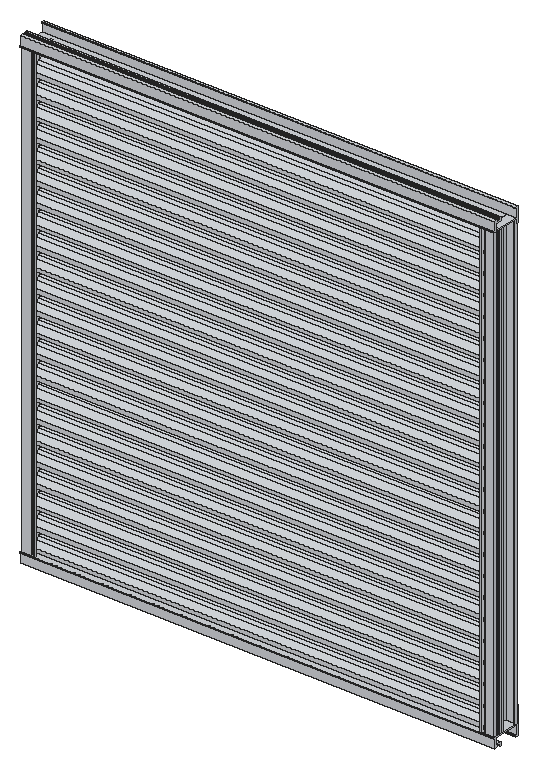
Revit family "EL-2", category Mechanical Equipment, Revit 2015
Parameters
  URL = "http://unitedenertech.com/catalog/pdf/A_7%20EL-2.pdf"
  Type Comments = "Max. Single Section Size is (120\"w  x  84\"h) or (84\"w  x  120\"h)"
  Model = "EL-2"
  Manufacturer = "United Enertech Corporation"
  Exact Width = 3' - 0"
  Exact Height = 3' - 0"
  Description = "Fixed 2\" Louver"
  Depth = 0' - 2.20294"
  Blade Spacing = 0' - 1.47"
  Blade Number [instance] = rounddown((Exact Height - 0' 1 11/16") / 0' 1 15/32")  # 23
  BW [instance] = Exact Width - 0' 1 11/16"  # 2' - 10 5/16"
Reference planes (in)
  plane 1 "Center (Front/Back)": y = 0
  plane 2: z = 0
  plane 3 "Center (Left/Right)": x = 0
  plane 4: x = -18
  plane 5: x = 18
  plane 6: z = 36
  plane 7: x = -17.166
  plane 8: x = 17.166
  plane 9: z = 0.834
  plane 10: z = 35.166
  plane 11: y = 2.20294
Forms (in)
  Extrusion 1, solid
    sketch origin (12.68319, -8.58149, 0) x (1, 0, 0) y (0, 1, 0)
      loop
        line (-30.62319, 10.53746) -> (-30.62319, 10.66546) -> (-29.90919, 10.66546) -> (-29.90919, 9.46346) -> (-30.62319, 9.46346) -> (-30.62319, 9.18346) -> (-30.66819, 9.18346) -> (-30.66819, 9.12346) -> (-30.62319, 9.12346) -> (-30.62319, 9.06146) -> (-30.56319, 9.06146) -> (-30.56319, 9.12346) -> (-30.47519, 9.12346) -> (-30.47519, 8.68346) -> (-30.56319, 8.68346) -> (-30.56319, 8.84246) -> (-30.62319, 8.84246) -> (-30.62319, 8.62346) -> (-29.62148, 8.62346) -> (-29.62148, 8.58149) -> (-29.55819, 8.58149) -> (-29.55819, 8.68346) -> (-29.84919, 8.68346) -> (-29.84919, 8.81146) -> (-29.90919, 8.81146) -> (-29.90919, 8.68346) -> (-30.41519, 8.68346) -> (-30.41519, 9.18346) -> (-30.56319, 9.18346) -> (-30.56319, 9.40346) -> (-29.84919, 9.40346) -> (-29.84919, 10.66546) -> (-29.55819, 10.66546) -> (-29.55819, 10.72546) -> (-30.68319, 10.72546) -> (-30.68319, 10.53746) -> (-30.62319, 10.53746)
    from 0.834 to 35.166
  Extrusion 2, solid
    sketch origin (-12.68319, -8.58149, 0) x (-1, 0, 0) y (0, -1, 0)
      loop
        line (-30.62319, -10.53746) -> (-30.68319, -10.53746) -> (-30.68319, -10.72546) -> (-29.55819, -10.72546) -> (-29.55819, -10.66546) -> (-29.84919, -10.66546) -> (-29.84919, -9.40346) -> (-30.56319, -9.40346) -> (-30.56319, -9.18346) -> (-30.41519, -9.18346) -> (-30.41519, -8.68346) -> (-29.90919, -8.68346) -> (-29.90919, -8.81146) -> (-29.84919, -8.81146) -> (-29.84919, -8.68346) -> (-29.55819, -8.68346) -> (-29.55819, -8.58149) -> (-29.62148, -8.58149) -> (-29.62148, -8.62346) -> (-30.62319, -8.62346) -> (-30.62319, -8.84246) -> (-30.56319, -8.84246) -> (-30.56319, -8.68346) -> (-30.47519, -8.68346) -> (-30.47519, -9.12346) -> (-30.56319, -9.12346) -> (-30.56319, -9.06146) -> (-30.62319, -9.06146) -> (-30.62319, -9.12346) -> (-30.66819, -9.12346) -> (-30.66819, -9.18346) -> (-30.62319, -9.18346) -> (-30.62319, -9.46346) -> (-29.90919, -9.46346) -> (-29.90919, -10.66546) -> (-30.62319, -10.66546) -> (-30.62319, -10.53746)
    from 0.834 to 35.166
  Extrusion 3, solid
    sketch origin (-61.79955, 31.31317, -12.14234) x (0, 1, 0) y (0, 0, 1)
      loop
        line (-30.71217, 12.16134) -> (-30.71217, 12.42934) -> (-31.21217, 12.42934) -> (-31.21217, 12.91634) -> (-29.17023, 12.91634) -> (-29.17023, 12.20234) -> (-29.29823, 12.20234) -> (-29.29823, 12.14234) -> (-29.11023, 12.14234) -> (-29.11023, 14.26034) -> (-29.17023, 14.26034) -> (-29.17023, 12.97634) -> (-31.31317, 12.97634) -> (-31.31317, 12.91634) -> (-31.27217, 12.91634) -> (-31.27217, 12.22134) -> (-31.05317, 12.22134) -> (-31.05317, 12.28134) -> (-31.21217, 12.28134) -> (-31.21217, 12.36934) -> (-30.77217, 12.36934) -> (-30.77217, 12.28134) -> (-30.83417, 12.28134) -> (-30.83417, 12.22134) -> (-30.77217, 12.22134) -> (-30.77217, 12.16134) -> (-30.71217, 12.16134)
    from 43.79955 to 79.79955
  Extrusion 4, solid
    sketch origin (-55.66817, 31.31312, 19.97472) x (0, 1, 0) y (0, 0, 1)
      loop
        line (-30.77217, 16.00628) -> (-30.77217, 15.94628) -> (-30.83417, 15.94628) -> (-30.83417, 15.88628) -> (-30.77217, 15.88628) -> (-30.77217, 15.79828) -> (-31.21217, 15.79828) -> (-31.21217, 15.88628) -> (-31.05317, 15.88628) -> (-31.05317, 15.94628) -> (-31.27217, 15.94628) -> (-31.27217, 15.25128) -> (-31.31312, 15.25128) -> (-31.31312, 15.19128) -> (-29.17023, 15.19128) -> (-29.17023, 14.90728) -> (-29.11023, 14.90728) -> (-29.11023, 16.02528) -> (-29.29823, 16.02528) -> (-29.29823, 15.96528) -> (-29.17023, 15.96528) -> (-29.17023, 15.25128) -> (-31.21217, 15.25128) -> (-31.21217, 15.73828) -> (-30.71217, 15.73828) -> (-30.71217, 16.00628) -> (-30.77217, 16.00628)
    from 37.66817 to 73.66817
Dimensions and locks (in)
  equal spacing: plane 4, plane 3 "Center (Left/Right)", plane 5
  "Exact Width": plane 4 to plane 5
  "Exact Height": plane 6 to level
  locked: plane 4 to plane 7 at 0.834
  locked: plane 8 to plane 5 at 0.834
  locked: plane 9 to level at 0.834
  locked: plane 6 to plane 10 at 0.834
  "Depth": plane 1 "Center (Front/Back)" to plane 11
  equal spacing: group 1, group 2, group 3, group 4, group 5, group 6, group 7, group 8, group 9, group 10, group 11, group 12, group 13, group 14, group 15, group 16, group 17, group 18, group 19, group 20, group 21, group 22, group 23  (x2)
  equal spacing: group 23, group 22, group 21, group 20, group 19, group 18, group 17, group 16, group 15, group 14, group 13, group 12, group 11, group 10, group 9, group 8, group 7, group 6, group 5, group 4, group 3, group 2, group 1
  "Blade Spacing": nested 2 to nested 1
  aligned and locked: level to plane 2
  aligned and locked: Extrusion 3 to level
  aligned and locked: plane 5 to Extrusion 3
  aligned and locked: plane 4 to Extrusion 3
  aligned and locked: Extrusion 1 to plane 9
  aligned and locked: Extrusion 2 to plane 9
  aligned and locked: plane 10 to Extrusion 1
  aligned and locked: plane 10 to Extrusion 2
  aligned and locked: plane 6 to Extrusion 4
  aligned and locked: plane 5 to Extrusion 4
  aligned and locked: plane 4 to Extrusion 4
  aligned and locked: plane 3 "Center (Left/Right)" to nested 1
  aligned and locked: Extrusion 1 to Extrusion 4
  aligned and locked: Extrusion 2 to Extrusion 4
  aligned and locked: plane 10 to Extrusion 4
  aligned and locked: nested 1 to Extrusion 4  (x2)
  aligned and locked: plane 10 to nested 1
  aligned and locked: nested 2 to nested 1
Automatic sketch dimensions
  Extrusion 1 sketch curve to plane 4 = 0' - 0"
  plane 1 "Center (Front/Back)" to Extrusion 1 sketch curve = 0' - 0"
  Extrusion 1 sketch curve to plane 4 = 0' - 0.015"
  Extrusion 1 sketch curve to plane 4 = 0' - 0.06"  (x3)
  Extrusion 1 sketch curve to Extrusion 1 sketch curve = 0' - 0.045"
  Extrusion 1 sketch curve to Extrusion 1 sketch curve = 0' - 0.06"  (x10)
  Extrusion 1 sketch curve to Extrusion 1 sketch curve = 0' - 0"  (x2)
  Extrusion 1 sketch curve to Extrusion 1 sketch curve = 0' - 0.088"
  Extrusion 1 sketch curve to Extrusion 1 sketch curve = 0' - 0.714"
  Extrusion 1 sketch curve to plane 1 "Center (Front/Back)" = 0' - 0.10197"
  Extrusion 1 sketch curve to Extrusion 1 sketch curve = 0' - 0.506"
  Extrusion 1 sketch curve to plane 1 "Center (Front/Back)" = 0' - 0.04197"
  Extrusion 1 sketch curve to Extrusion 1 sketch curve = 0' - 0.22772"
  Extrusion 1 sketch curve to Extrusion 1 sketch curve = 0' - 0.291"
  Extrusion 1 sketch curve to Extrusion 1 sketch curve = 0' - 0.06328"
  Extrusion 1 sketch curve to Extrusion 1 sketch curve = 0' - 0.128"  (x3)
  Extrusion 1 sketch curve to Extrusion 1 sketch curve = 0' - 0.159"
  Extrusion 1 sketch curve to Extrusion 1 sketch curve = 0' - 0.219"
  Extrusion 1 sketch curve to Extrusion 1 sketch curve = 0' - 0.062"  (x2)
  Extrusion 1 sketch curve to Extrusion 1 sketch curve = 0' - 0.22"
  Extrusion 1 sketch curve to Extrusion 1 sketch curve = 0' - 1.074"
  Extrusion 2 sketch curve to plane 5 = 0' - 0"
  plane 1 "Center (Front/Back)" to Extrusion 2 sketch curve = 0' - 0"
  plane 5 to Extrusion 2 sketch curve = 0' - 0.015"
  plane 5 to Extrusion 2 sketch curve = 0' - 0.06"  (x3)
  Extrusion 2 sketch curve to Extrusion 2 sketch curve = 0' - 0.045"
  Extrusion 2 sketch curve to Extrusion 2 sketch curve = 0' - 0.06"  (x10)
  Extrusion 2 sketch curve to Extrusion 2 sketch curve = 0' - 0"  (x2)
  Extrusion 2 sketch curve to Extrusion 2 sketch curve = 0' - 0.088"
  Extrusion 2 sketch curve to Extrusion 2 sketch curve = 0' - 0.714"
  plane 1 "Center (Front/Back)" to Extrusion 2 sketch curve = 0' - 0.10197"
  Extrusion 2 sketch curve to Extrusion 2 sketch curve = 0' - 0.506"
  plane 1 "Center (Front/Back)" to Extrusion 2 sketch curve = 0' - 0.04197"
  Extrusion 2 sketch curve to Extrusion 2 sketch curve = 0' - 0.22772"
  Extrusion 2 sketch curve to Extrusion 2 sketch curve = 0' - 0.291"
  Extrusion 2 sketch curve to Extrusion 2 sketch curve = 0' - 0.06328"
  Extrusion 2 sketch curve to Extrusion 2 sketch curve = 0' - 0.128"  (x3)
  Extrusion 2 sketch curve to Extrusion 2 sketch curve = 0' - 0.159"
  Extrusion 2 sketch curve to Extrusion 2 sketch curve = 0' - 0.219"
  Extrusion 2 sketch curve to Extrusion 2 sketch curve = 0' - 0.062"  (x2)
  Extrusion 2 sketch curve to Extrusion 2 sketch curve = 0' - 0.22"
  Extrusion 2 sketch curve to Extrusion 2 sketch curve = 0' - 1.074"
  Extrusion 3 sketch curve to plane 1 "Center (Front/Back)" = 0' - 0"
  Extrusion 3 sketch curve to Extrusion 3 sketch curve = 0' - 0.041"
  Extrusion 3 sketch curve to Extrusion 3 sketch curve = 0' - 0.06"  (x9)
  Extrusion 3 sketch curve to Extrusion 3 sketch curve = 0' - 0"  (x3)
  Extrusion 3 sketch curve to Extrusion 3 sketch curve = 0' - 0.159"
  Extrusion 3 sketch curve to Extrusion 3 sketch curve = 0' - 0.219"
  Extrusion 3 sketch curve to Extrusion 3 sketch curve = 0' - 0.062"
  Extrusion 3 sketch curve to Extrusion 3 sketch curve = 0' - 1.41394"
  Extrusion 3 sketch curve to Extrusion 3 sketch curve = 0' - 0.128"  (x2)
  level to Extrusion 3 sketch curve = 0' - 0"
  Extrusion 3 sketch curve to Extrusion 3 sketch curve = 0' - 0.019"
  Extrusion 3 sketch curve to Extrusion 3 sketch curve = 0' - 0.088"
  Extrusion 3 sketch curve to Extrusion 3 sketch curve = 0' - 0.487"
  Extrusion 3 sketch curve to Extrusion 3 sketch curve = 0' - 0.714"
  Extrusion 3 sketch curve to Extrusion 3 sketch curve = 0' - 1.284"
  Extrusion 4 sketch curve to plane 1 "Center (Front/Back)" = 0' - 0"
  Extrusion 4 sketch curve to Extrusion 4 sketch curve = 0' - 0.04096"
  Extrusion 4 sketch curve to Extrusion 4 sketch curve = 0' - 0.06"  (x10)
  Extrusion 4 sketch curve to Extrusion 4 sketch curve = 0' - 0"  (x2)
  Extrusion 4 sketch curve to Extrusion 4 sketch curve = 0' - 0.159"
  Extrusion 4 sketch curve to Extrusion 4 sketch curve = 0' - 0.219"
  Extrusion 4 sketch curve to Extrusion 4 sketch curve = 0' - 0.062"
  Extrusion 4 sketch curve to Extrusion 4 sketch curve = 0' - 1.41394"
  Extrusion 4 sketch curve to Extrusion 4 sketch curve = 0' - 0.128"  (x2)
  plane 9 to Extrusion 4 sketch curve = 2' - 10.048"
  Extrusion 4 sketch curve to Extrusion 4 sketch curve = 0' - 0.284"
  Extrusion 4 sketch curve to Extrusion 4 sketch curve = 0' - 0.487"
  Extrusion 4 sketch curve to Extrusion 4 sketch curve = 0' - 0.088"  (x2)
  Extrusion 4 sketch curve to Extrusion 4 sketch curve = 0' - 0.714"
Nested families (in)
  nested 1: "EL-2 Blade" at (0, 3.61341, 28.306), type "EL-2 Blade"
    with Blade Width 2' - 10 5/16"
  nested 2: "EL-2 Blade" at (0, 3.61341, 26.836), type "EL-2 Blade"
    with Blade Width 2' - 10 5/16"
  nested 3: "EL-2 Blade" at (0, 3.61341, 25.366), type "EL-2 Blade"
    with Blade Width 2' - 10 5/16"
  nested 4: "EL-2 Blade" at (0, 3.61341, 23.896), type "EL-2 Blade"
    with Blade Width 2' - 10 5/16"
  nested 5: "EL-2 Blade" at (0, 3.61341, 22.426), type "EL-2 Blade"
    with Blade Width 2' - 10 5/16"
  nested 6: "EL-2 Blade" at (0, 3.61341, 20.956), type "EL-2 Blade"
    with Blade Width 2' - 10 5/16"
  nested 7: "EL-2 Blade" at (0, 3.61341, 19.486), type "EL-2 Blade"
    with Blade Width 2' - 10 5/16"
  nested 8: "EL-2 Blade" at (0, 3.61341, 18.016), type "EL-2 Blade"
    with Blade Width 2' - 10 5/16"
  nested 9: "EL-2 Blade" at (0, 3.61341, 16.546), type "EL-2 Blade"
    with Blade Width 2' - 10 5/16"
  nested 10: "EL-2 Blade" at (0, 3.61341, 15.076), type "EL-2 Blade"
    with Blade Width 2' - 10 5/16"
  nested 11: "EL-2 Blade" at (0, 3.61341, 13.606), type "EL-2 Blade"
    with Blade Width 2' - 10 5/16"
  nested 12: "EL-2 Blade" at (0, 3.61341, 12.136), type "EL-2 Blade"
    with Blade Width 2' - 10 5/16"
  nested 13: "EL-2 Blade" at (0, 3.61341, 10.666), type "EL-2 Blade"
    with Blade Width 2' - 10 5/16"
  nested 14: "EL-2 Blade" at (0, 3.61341, 9.196), type "EL-2 Blade"
    with Blade Width 2' - 10 5/16"
  nested 15: "EL-2 Blade" at (0, 3.61341, 7.726), type "EL-2 Blade"
    with Blade Width 2' - 10 5/16"
  nested 16: "EL-2 Blade" at (0, 3.61341, 6.256), type "EL-2 Blade"
    with Blade Width 2' - 10 5/16"
  nested 17: "EL-2 Blade" at (0, 3.61341, 4.786), type "EL-2 Blade"
    with Blade Width 2' - 10 5/16"
  nested 18: "EL-2 Blade" at (0, 3.61341, 3.316), type "EL-2 Blade"
    with Blade Width 2' - 10 5/16"
  nested 19: "EL-2 Blade" at (0, 3.61341, 1.846), type "EL-2 Blade"
    with Blade Width 2' - 10 5/16"
  nested 20: "EL-2 Blade" at (0, 3.61341, 0.376), type "EL-2 Blade"
    with Blade Width 2' - 10 5/16"
  nested 21: "EL-2 Blade" at (0, 3.61341, -1.094), type "EL-2 Blade"
    with Blade Width 2' - 10 5/16"
  nested 22: "EL-2 Blade" at (0, 3.61341, -2.564), type "EL-2 Blade"
    with Blade Width 2' - 10 5/16"
  nested 23: "EL-2 Blade" at (0, 3.61341, -4.034), type "EL-2 Blade"
    with Blade Width 2' - 10 5/16"
Definition of nested family "EL-2 Blade"
  Parameters (values of type "EL-2 Blade")
    Blade Width = 3' - 2"
  Reference planes (in)
    plane 1 "Center (Front/Back)": y = 0
    plane 2: z = 0
    plane 3 "Center (Left/Right)": x = 0
    plane 4: x = -19
    plane 5: x = 19
  Forms (in)
    Extrusion 1, solid
      sketch origin (-2.79149, -9.46922, 8.51071) x (0, 1, 0) y (0, 0, 1)
        loop
          line (5.95778, -3.37071) -> (6.01678, -3.37071) -> (6.01678, -3.08894) -> (6.4243, -2.81108) -> (6.55689, -2.7041) -> (6.9111, -2.30969) -> (7.31997, -2.03213) -> (7.51733, -2.01312) -> (7.64113, -1.94988) -> (7.95924, -1.6507) -> (7.66965, -1.6507) -> (7.66965, -1.70887) -> (7.81013, -1.70887) -> (7.61631, -1.89088) -> (7.53721, -1.94108) -> (7.44518, -1.95864) -> (7.36385, -1.95864) -> (7.28604, -1.98264) -> (6.86155, -2.27207) -> (6.59395, -2.58372) -> (6.39106, -2.76234) -> (5.95778, -3.05698) -> (5.95778, -3.37071)
      from -16.20851 to 21.79149
  Dimensions and locks (in)
    equal spacing: plane 4, plane 3 "Center (Left/Right)", plane 5
    "Blade Width": plane 4 to plane 5
    aligned and locked: level to plane 2
    aligned and locked: Extrusion 1 to plane 5
    aligned and locked: plane 4 to Extrusion 1
  Automatic sketch dimensions
    plane 1 "Center (Front/Back)" to Extrusion 1 sketch curve = 0' - 3.51144"
    Extrusion 1 sketch curve to Extrusion 1 sketch curve = 0' - 0.059"  (x2)
    Extrusion 1 sketch curve to Extrusion 1 sketch curve = 0' - 0.37428"
    Extrusion 1 sketch curve to Extrusion 1 sketch curve = 0' - 0.03324"
    Extrusion 1 sketch curve to Extrusion 1 sketch curve = 0' - 0.13259"
    Extrusion 1 sketch curve to Extrusion 1 sketch curve = 0' - 0.03706"
    Extrusion 1 sketch curve to Extrusion 1 sketch curve = 0' - 0.2676"
    Extrusion 1 sketch curve to Extrusion 1 sketch curve = 0' - 0.04955"
    Extrusion 1 sketch curve to Extrusion 1 sketch curve = 0' - 0.37494"
    Extrusion 1 sketch curve to Extrusion 1 sketch curve = 0' - 0.03393"
    Extrusion 1 sketch curve to Extrusion 1 sketch curve = 0' - 0.07781"
    Extrusion 1 sketch curve to Extrusion 1 sketch curve = 0' - 0.08132"
    Extrusion 1 sketch curve to Extrusion 1 sketch curve = 0' - 0.07215"
    Extrusion 1 sketch curve to Extrusion 1 sketch curve = 0' - 0.01988"
    Extrusion 1 sketch curve to Extrusion 1 sketch curve = 0' - 0.07911"
    Extrusion 1 sketch curve to Extrusion 1 sketch curve = 0' - 0.02482"
    Extrusion 1 sketch curve to Extrusion 1 sketch curve = 0' - 0.05334"
    Extrusion 1 sketch curve to Extrusion 1 sketch curve = 0' - 0.14048"
    Extrusion 1 sketch curve to Extrusion 1 sketch curve = 0' - 0.14911"
    level to Extrusion 1 sketch curve = 0' - 5.14"
    Extrusion 1 sketch curve to Extrusion 1 sketch curve = 0' - 0.28177"
    Extrusion 1 sketch curve to Extrusion 1 sketch curve = 0' - 0.03195"
    Extrusion 1 sketch curve to Extrusion 1 sketch curve = 0' - 0.27785"
    Extrusion 1 sketch curve to Extrusion 1 sketch curve = 0' - 0.04875"
    Extrusion 1 sketch curve to Extrusion 1 sketch curve = 0' - 0.10699"
    Extrusion 1 sketch curve to Extrusion 1 sketch curve = 0' - 0.12038"
    Extrusion 1 sketch curve to Extrusion 1 sketch curve = 0' - 0.27403"
    Extrusion 1 sketch curve to Extrusion 1 sketch curve = 0' - 0.03762"
    Extrusion 1 sketch curve to Extrusion 1 sketch curve = 0' - 0.27757"
    Extrusion 1 sketch curve to Extrusion 1 sketch curve = 0' - 0.01901"
    Extrusion 1 sketch curve to Extrusion 1 sketch curve = 0' - 0.04948"
    Extrusion 1 sketch curve to Extrusion 1 sketch curve = 0' - 0.024"
    Extrusion 1 sketch curve to Extrusion 1 sketch curve = 0' - 0.06324"
    Extrusion 1 sketch curve to Extrusion 1 sketch curve = 0' - 0.07203"
    Extrusion 1 sketch curve to Extrusion 1 sketch curve = 0' - 0.18201"
    Extrusion 1 sketch curve to Extrusion 1 sketch curve = 0' - 0.05817"
